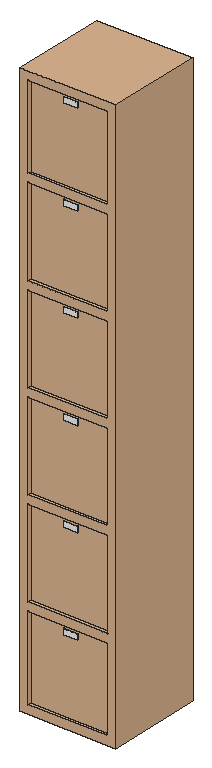
Revit family (continued)
Definition of nested family "Grille-Diamonds-3x38or32"
  Lines and regions (in)
    model lines
      curve 292: line (-1.30067, 7.625, 0) -> (-0.9142, 8.36719, 0)
      curve 293: line (0, 9.10937, 0) -> (-0.38647, 8.36719, 0)
      curve 294: line (0, 7.625, 0) -> (-0.38647, 8.36719, 0)
      curve 295: line (0, 9.10937, 0) -> (0.38647, 8.36719, 0)
      curve 296: line (0, 7.625, 0) -> (0.38647, 8.36719, 0)
      curve 297: line (-0.65034, 8.42187, 0) -> (-0.26387, 9.16406, 0)
      curve 298: line (-0.65034, 9.90625, 0) -> (-0.26387, 9.16406, 0)
      curve 299: line (-0.65034, 8.42187, 0) -> (-1.03681, 9.16406, 0)
      curve 300: line (-0.65034, 9.90625, 0) -> (-1.03681, 9.16406, 0)
      curve 301: line (-1.30067, 10.70312, 0) -> (-1.68715, 9.96094, 0)
      curve 302: line (-1.30067, 9.21875, 0) -> (-1.68715, 9.96094, 0)
      curve 303: line (-1.30067, 10.70312, 0) -> (-0.9142, 9.96094, 0)
      curve 304: line (-1.30067, 9.21875, 0) -> (-0.9142, 9.96094, 0)
      curve 305: line (0, 10.70312, 0) -> (-0.38647, 9.96094, 0)
      curve 306: line (0, 9.21875, 0) -> (-0.38647, 9.96094, 0)
      curve 307: line (0, 10.70312, 0) -> (0.38647, 9.96094, 0)
      curve 308: line (0, 9.21875, 0) -> (0.38647, 9.96094, 0)
      curve 309: line (-0.65034, 10.01562, 0) -> (-0.26387, 10.75781, 0)
      curve 310: line (-0.65034, 11.5, 0) -> (-0.26387, 10.75781, 0)
      curve 311: line (-0.65034, 10.01562, 0) -> (-1.03681, 10.75781, 0)
      curve 312: line (-0.65034, 11.5, 0) -> (-1.03681, 10.75781, 0)
      curve 313: line (-1.30067, 12.29687, 0) -> (-1.68715, 11.55469, 0)
      curve 314: line (-1.30067, 10.8125, 0) -> (-1.68715, 11.55469, 0)
      curve 315: line (-1.30067, 12.29687, 0) -> (-0.9142, 11.55469, 0)
      curve 316: line (-1.30067, 10.8125, 0) -> (-0.9142, 11.55469, 0)
      curve 317: line (0, 12.29687, 0) -> (-0.38647, 11.55469, 0)
      curve 318: line (0, 10.8125, 0) -> (-0.38647, 11.55469, 0)
      curve 319: line (0, 12.29687, 0) -> (0.38647, 11.55469, 0)
      curve 320: line (0, 10.8125, 0) -> (0.38647, 11.55469, 0)
      curve 321: line (-0.65034, 11.60937, 0) -> (-0.26387, 12.35156, 0)
      curve 322: line (-0.65034, 13.09375, 0) -> (-0.26387, 12.35156, 0)
      curve 323: line (-0.65034, 11.60937, 0) -> (-1.03681, 12.35156, 0)
      curve 324: line (-0.65034, 13.09375, 0) -> (-1.03681, 12.35156, 0)
      curve 325: line (-1.30067, 13.89062, 0) -> (-1.68715, 13.14844, 0)
      curve 326: line (-1.30067, 12.40625, 0) -> (-1.68715, 13.14844, 0)
      curve 327: line (-1.30067, 13.89062, 0) -> (-0.9142, 13.14844, 0)
      curve 328: line (-1.30067, 12.40625, 0) -> (-0.9142, 13.14844, 0)
      curve 329: line (0, 13.89062, 0) -> (-0.38647, 13.14844, 0)
      curve 330: line (0, 12.40625, 0) -> (-0.38647, 13.14844, 0)
      curve 331: line (0, 13.89062, 0) -> (0.38647, 13.14844, 0)
      curve 332: line (0, 12.40625, 0) -> (0.38647, 13.14844, 0)
      curve 333: line (-0.65034, 13.20312, 0) -> (-0.26387, 13.94531, 0)
      curve 334: line (-0.65034, 14.6875, 0) -> (-0.26387, 13.94531, 0)
      curve 335: line (-0.65034, 13.20312, 0) -> (-1.03681, 13.94531, 0)
      curve 336: line (-0.65034, 14.6875, 0) -> (-1.03681, 13.94531, 0)
      curve 337: line (-1.30067, 15.48437, 0) -> (-1.68715, 14.74219, 0)
      curve 338: line (-1.30067, 14, 0) -> (-1.68715, 14.74219, 0)
      curve 339: line (-1.30067, 15.48437, 0) -> (-0.9142, 14.74219, 0)
      curve 340: line (-1.30067, 14, 0) -> (-0.9142, 14.74219, 0)
      curve 341: line (0, 15.48437, 0) -> (-0.38647, 14.74219, 0)
      curve 342: line (0, 14, 0) -> (-0.38647, 14.74219, 0)
      curve 343: line (0, 15.48437, 0) -> (0.38647, 14.74219, 0)
      curve 344: line (0, 14, 0) -> (0.38647, 14.74219, 0)
      curve 345: line (-0.65034, 14.79687, 0) -> (-0.26387, 15.53906, 0)
      curve 346: line (-0.65034, 16.28125, 0) -> (-0.26387, 15.53906, 0)
      curve 347: line (-0.65034, 14.79687, 0) -> (-1.03681, 15.53906, 0)
      curve 348: line (-0.65034, 16.28125, 0) -> (-1.03681, 15.53906, 0)
      curve 349: line (-1.30067, 17.07812, 0) -> (-1.68715, 16.33594, 0)
      curve 350: line (-1.30067, 15.59375, 0) -> (-1.68715, 16.33594, 0)
      curve 351: line (-1.30067, 17.07812, 0) -> (-0.9142, 16.33594, 0)
      curve 352: line (-1.30067, 15.59375, 0) -> (-0.9142, 16.33594, 0)
      curve 353: line (0, 17.07812, 0) -> (-0.38647, 16.33594, 0)
      curve 354: line (0, 15.59375, 0) -> (-0.38647, 16.33594, 0)
      curve 355: line (0, 17.07812, 0) -> (0.38647, 16.33594, 0)
      curve 356: line (0, 15.59375, 0) -> (0.38647, 16.33594, 0)
      curve 357: line (-0.65034, 16.39062, 0) -> (-0.26387, 17.13281, 0)
      curve 358: line (-0.65034, 17.875, 0) -> (-0.26387, 17.13281, 0)
      curve 359: line (-0.65034, 16.39062, 0) -> (-1.03681, 17.13281, 0)
      curve 360: line (-0.65034, 17.875, 0) -> (-1.03681, 17.13281, 0)
      curve 361: line (-1.30067, 18.67187, 0) -> (-1.68715, 17.92969, 0)
      curve 362: line (-1.30067, 17.1875, 0) -> (-1.68715, 17.92969, 0)
      curve 363: line (-1.30067, 18.67187, 0) -> (-0.9142, 17.92969, 0)
      curve 364: line (-1.30067, 17.1875, 0) -> (-0.9142, 17.92969, 0)
      curve 365: line (0, 18.67187, 0) -> (-0.38647, 17.92969, 0)
      curve 366: line (0, 17.1875, 0) -> (-0.38647, 17.92969, 0)
      curve 367: line (0, 18.67187, 0) -> (0.38647, 17.92969, 0)
      curve 368: line (0, 17.1875, 0) -> (0.38647, 17.92969, 0)
      curve 369: line (-0.65034, 17.98437, 0) -> (-0.26387, 18.72656, 0)
      curve 370: line (-0.65034, 19.46875, 0) -> (-0.26387, 18.72656, 0)
      curve 371: line (-0.65034, 17.98437, 0) -> (-1.03681, 18.72656, 0)
      curve 372: line (-0.65034, 19.46875, 0) -> (-1.03681, 18.72656, 0)
      curve 373: line (-1.30067, 20.26562, 0) -> (-1.68715, 19.52344, 0)
      curve 374: line (-1.30067, 18.78125, 0) -> (-1.68715, 19.52344, 0)
      curve 375: line (-1.30067, 20.26562, 0) -> (-0.9142, 19.52344, 0)
      curve 376: line (-1.30067, 18.78125, 0) -> (-0.9142, 19.52344, 0)
      curve 377: line (0, 20.26562, 0) -> (-0.38647, 19.52344, 0)
      curve 378: line (0, 18.78125, 0) -> (-0.38647, 19.52344, 0)
      curve 379: line (0, 20.26562, 0) -> (0.38647, 19.52344, 0)
      curve 380: line (0, 18.78125, 0) -> (0.38647, 19.52344, 0)
      curve 381: line (-0.65034, 19.57812, 0) -> (-0.26387, 20.32031, 0)
      curve 382: line (-0.65034, 21.0625, 0) -> (-0.26387, 20.32031, 0)
      curve 383: line (-0.65034, 19.57812, 0) -> (-1.03681, 20.32031, 0)
      curve 384: line (-0.65034, 21.0625, 0) -> (-1.03681, 20.32031, 0)
      curve 385: line (-1.30067, 21.85937, 0) -> (-1.68715, 21.11719, 0)
      curve 386: line (-1.30067, 20.375, 0) -> (-1.68715, 21.11719, 0)
      curve 387: line (-1.30067, 21.85937, 0) -> (-0.9142, 21.11719, 0)
      curve 388: line (-1.30067, 20.375, 0) -> (-0.9142, 21.11719, 0)
      curve 389: line (0, 21.85937, 0) -> (-0.38647, 21.11719, 0)
      curve 390: line (0, 20.375, 0) -> (-0.38647, 21.11719, 0)
      curve 391: line (0, 21.85937, 0) -> (0.38647, 21.11719, 0)
      curve 392: line (0, 20.375, 0) -> (0.38647, 21.11719, 0)
      curve 393: line (-0.65034, 21.17187, 0) -> (-0.26387, 21.91406, 0)
      curve 394: line (-0.65034, 22.65625, 0) -> (-0.26387, 21.91406, 0)
      curve 395: line (-0.65034, 21.17187, 0) -> (-1.03681, 21.91406, 0)
      curve 396: line (-0.65034, 22.65625, 0) -> (-1.03681, 21.91406, 0)
      curve 397: line (-1.30067, 23.45312, 0) -> (-1.68715, 22.71094, 0)
      curve 398: line (-1.30067, 21.96875, 0) -> (-1.68715, 22.71094, 0)
      curve 399: line (-1.30067, 23.45312, 0) -> (-0.9142, 22.71094, 0)
      curve 400: line (-1.30067, 21.96875, 0) -> (-0.9142, 22.71094, 0)
      curve 401: line (0, 23.45312, 0) -> (-0.38647, 22.71094, 0)
      curve 402: line (0, 21.96875, 0) -> (-0.38647, 22.71094, 0)
      curve 403: line (0, 23.45312, 0) -> (0.38647, 22.71094, 0)
      curve 404: line (0, 21.96875, 0) -> (0.38647, 22.71094, 0)
      curve 405: line (-0.65034, 22.76562, 0) -> (-0.26387, 23.50781, 0)
      curve 406: line (-0.65034, 24.25, 0) -> (-0.26387, 23.50781, 0)
      curve 407: line (-0.65034, 22.76562, 0) -> (-1.03681, 23.50781, 0)
      curve 408: line (-0.65034, 24.25, 0) -> (-1.03681, 23.50781, 0)
      curve 409: line (-1.30067, 25.04687, 0) -> (-1.68715, 24.30469, 0)
      curve 410: line (-1.30067, 23.5625, 0) -> (-1.68715, 24.30469, 0)
      curve 411: line (-1.30067, 25.04687, 0) -> (-0.9142, 24.30469, 0)
      curve 412: line (-1.30067, 23.5625, 0) -> (-0.9142, 24.30469, 0)
      curve 413: line (0, 25.04687, 0) -> (-0.38647, 24.30469, 0)
      curve 414: line (0, 23.5625, 0) -> (-0.38647, 24.30469, 0)
      curve 415: line (0, 25.04687, 0) -> (0.38647, 24.30469, 0)
      curve 416: line (0, 23.5625, 0) -> (0.38647, 24.30469, 0)
      curve 417: line (-0.65034, 24.35937, 0) -> (-0.26387, 25.10156, 0)
      curve 418: line (-0.65034, 25.84375, 0) -> (-0.26387, 25.10156, 0)
      curve 419: line (-0.65034, 24.35937, 0) -> (-1.03681, 25.10156, 0)
      curve 420: line (-0.65034, 25.84375, 0) -> (-1.03681, 25.10156, 0)
      curve 477: line (0.65034, -26.64062, 0) -> (0.26387, -25.89844, 0)
      curve 478: line (0.65034, -25.15625, 0) -> (0.26387, -25.89844, 0)
      curve 479: line (0.65034, -26.64062, 0) -> (1.03681, -25.89844, 0)
      curve 480: line (0.65034, -25.15625, 0) -> (1.03681, -25.89844, 0)
      curve 481: line (1.30067, -24.35937, 0) -> (1.68715, -25.10156, 0)
      curve 482: line (1.30067, -25.84375, 0) -> (1.68715, -25.10156, 0)
      curve 483: line (1.30067, -24.35937, 0) -> (0.9142, -25.10156, 0)
      curve 484: line (1.30067, -25.84375, 0) -> (0.9142, -25.10156, 0)
      curve 485: line (0.65034, -25.04687, 0) -> (0.26387, -24.30469, 0)
      curve 486: line (0.65034, -23.5625, 0) -> (0.26387, -24.30469, 0)
      curve 487: line (0.65034, -25.04687, 0) -> (1.03681, -24.30469, 0)
      curve 488: line (0.65034, -23.5625, 0) -> (1.03681, -24.30469, 0)
      curve 489: line (1.30067, -22.76562, 0) -> (1.68715, -23.50781, 0)
      curve 490: line (1.30067, -24.25, 0) -> (1.68715, -23.50781, 0)
      curve 491: line (1.30067, -22.76562, 0) -> (0.9142, -23.50781, 0)
      curve 492: line (1.30067, -24.25, 0) -> (0.9142, -23.50781, 0)
      curve 493: line (0.65034, -23.45312, 0) -> (0.26387, -22.71094, 0)
      curve 494: line (0.65034, -21.96875, 0) -> (0.26387, -22.71094, 0)
      curve 495: line (0.65034, -23.45312, 0) -> (1.03681, -22.71094, 0)
      curve 496: line (0.65034, -21.96875, 0) -> (1.03681, -22.71094, 0)
      curve 497: line (1.30067, -21.17187, 0) -> (1.68715, -21.91406, 0)
      curve 498: line (1.30067, -22.65625, 0) -> (1.68715, -21.91406, 0)
      curve 499: line (1.30067, -21.17187, 0) -> (0.9142, -21.91406, 0)
      curve 500: line (1.30067, -22.65625, 0) -> (0.9142, -21.91406, 0)
      curve 501: line (0.65034, -21.85937, 0) -> (0.26387, -21.11719, 0)
      curve 502: line (0.65034, -20.375, 0) -> (0.26387, -21.11719, 0)
      curve 503: line (0.65034, -21.85937, 0) -> (1.03681, -21.11719, 0)
      curve 504: line (0.65034, -20.375, 0) -> (1.03681, -21.11719, 0)
      curve 505: line (1.30067, -19.57812, 0) -> (1.68715, -20.32031, 0)
      curve 506: line (1.30067, -21.0625, 0) -> (1.68715, -20.32031, 0)
      curve 507: line (1.30067, -19.57812, 0) -> (0.9142, -20.32031, 0)
      curve 508: line (1.30067, -21.0625, 0) -> (0.9142, -20.32031, 0)
      curve 509: line (0.65034, -20.26562, 0) -> (0.26387, -19.52344, 0)
      curve 510: line (0.65034, -18.78125, 0) -> (0.26387, -19.52344, 0)
      curve 511: line (0.65034, -20.26562, 0) -> (1.03681, -19.52344, 0)
      curve 512: line (0.65034, -18.78125, 0) -> (1.03681, -19.52344, 0)
      curve 513: line (1.30067, -17.98437, 0) -> (1.68715, -18.72656, 0)
      curve 514: line (1.30067, -19.46875, 0) -> (1.68715, -18.72656, 0)
      curve 515: line (1.30067, -17.98437, 0) -> (0.9142, -18.72656, 0)
      curve 516: line (1.30067, -19.46875, 0) -> (0.9142, -18.72656, 0)
      curve 517: line (0.65034, -18.67187, 0) -> (0.26387, -17.92969, 0)
      curve 518: line (0.65034, -17.1875, 0) -> (0.26387, -17.92969, 0)
      curve 519: line (0.65034, -18.67187, 0) -> (1.03681, -17.92969, 0)
      curve 520: line (0.65034, -17.1875, 0) -> (1.03681, -17.92969, 0)
      curve 521: line (1.30067, -16.39062, 0) -> (1.68715, -17.13281, 0)
      curve 522: line (1.30067, -17.875, 0) -> (1.68715, -17.13281, 0)
      curve 523: line (1.30067, -16.39062, 0) -> (0.9142, -17.13281, 0)
      curve 524: line (1.30067, -17.875, 0) -> (0.9142, -17.13281, 0)
      curve 525: line (0.65034, -17.07812, 0) -> (0.26387, -16.33594, 0)
      curve 526: line (0.65034, -15.59375, 0) -> (0.26387, -16.33594, 0)
      curve 527: line (0.65034, -17.07812, 0) -> (1.03681, -16.33594, 0)
      curve 528: line (0.65034, -15.59375, 0) -> (1.03681, -16.33594, 0)
      curve 529: line (1.30067, -14.79687, 0) -> (1.68715, -15.53906, 0)
      curve 530: line (1.30067, -16.28125, 0) -> (1.68715, -15.53906, 0)
      curve 531: line (1.30067, -14.79687, 0) -> (0.9142, -15.53906, 0)
      curve 532: line (1.30067, -16.28125, 0) -> (0.9142, -15.53906, 0)
      curve 533: line (0.65034, -15.48437, 0) -> (0.26387, -14.74219, 0)
      curve 534: line (0.65034, -14, 0) -> (0.26387, -14.74219, 0)
      curve 535: line (0.65034, -15.48437, 0) -> (1.03681, -14.74219, 0)
      curve 536: line (0.65034, -14, 0) -> (1.03681, -14.74219, 0)
      curve 537: line (1.30067, -13.20312, 0) -> (1.68715, -13.94531, 0)
      curve 538: line (1.30067, -14.6875, 0) -> (1.68715, -13.94531, 0)
      curve 539: line (1.30067, -13.20312, 0) -> (0.9142, -13.94531, 0)
      curve 540: line (1.30067, -14.6875, 0) -> (0.9142, -13.94531, 0)
      curve 541: line (0.65034, -13.89062, 0) -> (0.26387, -13.14844, 0)
      curve 542: line (0.65034, -12.40625, 0) -> (0.26387, -13.14844, 0)
      curve 543: line (0.65034, -13.89062, 0) -> (1.03681, -13.14844, 0)
      curve 544: line (0.65034, -12.40625, 0) -> (1.03681, -13.14844, 0)
      curve 545: line (1.30067, -11.60937, 0) -> (1.68715, -12.35156, 0)
      curve 546: line (1.30067, -13.09375, 0) -> (1.68715, -12.35156, 0)
      curve 547: line (1.30067, -11.60937, 0) -> (0.9142, -12.35156, 0)
      curve 548: line (1.30067, -13.09375, 0) -> (0.9142, -12.35156, 0)
      curve 549: line (0.65034, -12.29687, 0) -> (0.26387, -11.55469, 0)
      curve 550: line (0.65034, -10.8125, 0) -> (0.26387, -11.55469, 0)
      curve 551: line (0.65034, -12.29687, 0) -> (1.03681, -11.55469, 0)
      curve 552: line (0.65034, -10.8125, 0) -> (1.03681, -11.55469, 0)
      curve 553: line (1.30067, -10.01562, 0) -> (1.68715, -10.75781, 0)
      curve 554: line (1.30067, -11.5, 0) -> (1.68715, -10.75781, 0)
      curve 555: line (1.30067, -10.01562, 0) -> (0.9142, -10.75781, 0)
      curve 556: line (1.30067, -11.5, 0) -> (0.9142, -10.75781, 0)
      curve 557: line (0.65034, -10.70312, 0) -> (0.26387, -9.96094, 0)
      curve 558: line (0.65034, -9.21875, 0) -> (0.26387, -9.96094, 0)
      curve 559: line (0.65034, -10.70312, 0) -> (1.03681, -9.96094, 0)
      curve 560: line (0.65034, -9.21875, 0) -> (1.03681, -9.96094, 0)
      curve 561: line (1.30067, -8.42187, 0) -> (1.68715, -9.16406, 0)
      curve 562: line (1.30067, -9.90625, 0) -> (1.68715, -9.16406, 0)
      curve 563: line (1.30067, -8.42187, 0) -> (0.9142, -9.16406, 0)
      curve 564: line (1.30067, -9.90625, 0) -> (0.9142, -9.16406, 0)
      curve 565: line (0.65034, -9.10937, 0) -> (0.26387, -8.36719, 0)
      curve 566: line (0.65034, -7.625, 0) -> (0.26387, -8.36719, 0)
      curve 567: line (0.65034, -9.10937, 0) -> (1.03681, -8.36719, 0)
      curve 568: line (0.65034, -7.625, 0) -> (1.03681, -8.36719, 0)
      curve 569: line (1.30067, -6.82812, 0) -> (1.68715, -7.57031, 0)
      curve 570: line (1.30067, -8.3125, 0) -> (1.68715, -7.57031, 0)
      curve 571: line (1.30067, -6.82812, 0) -> (0.9142, -7.57031, 0)
      curve 572: line (1.30067, -8.3125, 0) -> (0.9142, -7.57031, 0)
      curve 573: line (0.65034, -7.51562, 0) -> (0.26387, -6.77344, 0)
      curve 574: line (0.65034, -6.03125, 0) -> (0.26387, -6.77344, 0)
      curve 575: line (0.65034, -7.51562, 0) -> (1.03681, -6.77344, 0)
      curve 576: line (0.65034, -6.03125, 0) -> (1.03681, -6.77344, 0)
      curve 577: line (1.30067, -5.23437, 0) -> (1.68715, -5.97656, 0)
      curve 578: line (1.30067, -6.71875, 0) -> (1.68715, -5.97656, 0)
      curve 579: line (1.30067, -5.23437, 0) -> (0.9142, -5.97656, 0)
      curve 580: line (1.30067, -6.71875, 0) -> (0.9142, -5.97656, 0)
      curve 581: line (0.65034, -5.92187, 0) -> (0.26387, -5.17969, 0)
      curve 582: line (0.65034, -4.4375, 0) -> (0.26387, -5.17969, 0)
      curve 583: line (0.65034, -5.92187, 0) -> (1.03681, -5.17969, 0)
      curve 584: line (0.65034, -4.4375, 0) -> (1.03681, -5.17969, 0)
      curve 585: line (1.30067, -3.64062, 0) -> (1.68715, -4.38281, 0)
      curve 586: line (1.30067, -5.125, 0) -> (1.68715, -4.38281, 0)
      curve 587: line (1.30067, -3.64062, 0) -> (0.9142, -4.38281, 0)
      curve 588: line (1.30067, -5.125, 0) -> (0.9142, -4.38281, 0)
      curve 589: line (0.65034, -4.32812, 0) -> (0.26387, -3.58594, 0)
      curve 590: line (0.65034, -2.84375, 0) -> (0.26387, -3.58594, 0)
      curve 591: line (0.65034, -4.32812, 0) -> (1.03681, -3.58594, 0)
      curve 592: line (0.65034, -2.84375, 0) -> (1.03681, -3.58594, 0)
      curve 593: line (1.30067, -2.04687, 0) -> (1.68715, -2.78906, 0)
      curve 594: line (1.30067, -3.53125, 0) -> (1.68715, -2.78906, 0)
      curve 595: line (1.30067, -2.04687, 0) -> (0.9142, -2.78906, 0)
      curve 596: line (1.30067, -3.53125, 0) -> (0.9142, -2.78906, 0)
      curve 597: line (0.65034, -2.73437, 0) -> (0.26387, -1.99219, 0)
      curve 598: line (0.65034, -1.25, 0) -> (0.26387, -1.99219, 0)
      curve 599: line (0.65034, -2.73437, 0) -> (1.03681, -1.99219, 0)
      curve 600: line (0.65034, -1.25, 0) -> (1.03681, -1.99219, 0)
      curve 601: line (1.30067, -0.45312, 0) -> (1.68715, -1.19531, 0)
      curve 602: line (1.30067, -1.9375, 0) -> (1.68715, -1.19531, 0)
      curve 603: line (1.30067, -0.45312, 0) -> (0.9142, -1.19531, 0)
      curve 604: line (1.30067, -1.9375, 0) -> (0.9142, -1.19531, 0)
      curve 605: line (0.65034, -1.14062, 0) -> (0.26387, -0.39844, 0)
      curve 606: line (0.65034, 0.34375, 0) -> (0.26387, -0.39844, 0)
      curve 607: line (0.65034, -1.14062, 0) -> (1.03681, -0.39844, 0)
      curve 608: line (0.65034, 0.34375, 0) -> (1.03681, -0.39844, 0)
      curve 609: line (1.30067, 1.14063, 0) -> (1.68715, 0.39844, 0)
      curve 610: line (1.30067, -0.34375, 0) -> (1.68715, 0.39844, 0)
      curve 611: line (1.30067, 1.14063, 0) -> (0.9142, 0.39844, 0)
      curve 612: line (1.30067, -0.34375, 0) -> (0.9142, 0.39844, 0)
      curve 613: line (0.65034, 0.45313, 0) -> (0.26387, 1.19531, 0)
      curve 614: line (0.65034, 1.9375, 0) -> (0.26387, 1.19531, 0)
      curve 615: line (0.65034, 0.45313, 0) -> (1.03681, 1.19531, 0)
      curve 616: line (0.65034, 1.9375, 0) -> (1.03681, 1.19531, 0)
      curve 617: line (1.30067, 2.73437, 0) -> (1.68715, 1.99219, 0)
      curve 618: line (1.30067, 1.25, 0) -> (1.68715, 1.99219, 0)
      curve 619: line (1.30067, 2.73437, 0) -> (0.9142, 1.99219, 0)
      curve 620: line (1.30067, 1.25, 0) -> (0.9142, 1.99219, 0)
      curve 621: line (0.65034, 2.04687, 0) -> (0.26387, 2.78906, 0)
      curve 622: line (0.65034, 3.53125, 0) -> (0.26387, 2.78906, 0)
      curve 623: line (0.65034, 2.04687, 0) -> (1.03681, 2.78906, 0)
      curve 624: line (0.65034, 3.53125, 0) -> (1.03681, 2.78906, 0)
      curve 625: line (1.30067, 4.32812, 0) -> (1.68715, 3.58594, 0)
      curve 626: line (1.30067, 2.84375, 0) -> (1.68715, 3.58594, 0)
      curve 627: line (1.30067, 4.32812, 0) -> (0.9142, 3.58594, 0)
      curve 628: line (1.30067, 2.84375, 0) -> (0.9142, 3.58594, 0)
      curve 629: line (0.65034, 3.64062, 0) -> (0.26387, 4.38281, 0)
      curve 630: line (0.65034, 5.125, 0) -> (0.26387, 4.38281, 0)
      curve 631: line (0.65034, 3.64062, 0) -> (1.03681, 4.38281, 0)
      curve 632: line (0.65034, 5.125, 0) -> (1.03681, 4.38281, 0)
      curve 633: line (1.30067, 5.92187, 0) -> (1.68715, 5.17969, 0)
      curve 634: line (1.30067, 4.4375, 0) -> (1.68715, 5.17969, 0)
      curve 635: line (1.30067, 5.92187, 0) -> (0.9142, 5.17969, 0)
      curve 636: line (1.30067, 4.4375, 0) -> (0.9142, 5.17969, 0)
      curve 637: line (0.65034, 5.23437, 0) -> (0.26387, 5.97656, 0)
      curve 638: line (0.65034, 6.71875, 0) -> (0.26387, 5.97656, 0)
      curve 639: line (0.65034, 5.23437, 0) -> (1.03681, 5.97656, 0)
      curve 640: line (0.65034, 6.71875, 0) -> (1.03681, 5.97656, 0)
      curve 641: line (1.30067, 7.51562, 0) -> (1.68715, 6.77344, 0)
      curve 642: line (1.30067, 6.03125, 0) -> (1.68715, 6.77344, 0)
      curve 643: line (1.30067, 7.51562, 0) -> (0.9142, 6.77344, 0)
      curve 644: line (1.30067, 6.03125, 0) -> (0.9142, 6.77344, 0)
      curve 645: line (0.65034, 6.82812, 0) -> (0.26387, 7.57031, 0)
      curve 646: line (0.65034, 8.3125, 0) -> (0.26387, 7.57031, 0)
      curve 647: line (0.65034, 6.82812, 0) -> (1.03681, 7.57031, 0)
      curve 648: line (0.65034, 8.3125, 0) -> (1.03681, 7.57031, 0)
      curve 649: line (1.30067, 9.10937, 0) -> (1.68715, 8.36719, 0)
      curve 650: line (1.30067, 7.625, 0) -> (1.68715, 8.36719, 0)
      curve 651: line (1.30067, 9.10937, 0) -> (0.9142, 8.36719, 0)
      curve 652: line (1.30067, 7.625, 0) -> (0.9142, 8.36719, 0)
      curve 653: line (0.65034, 8.42187, 0) -> (0.26387, 9.16406, 0)
      curve 654: line (0.65034, 9.90625, 0) -> (0.26387, 9.16406, 0)
      curve 655: line (0.65034, 8.42187, 0) -> (1.03681, 9.16406, 0)
      curve 656: line (0.65034, 9.90625, 0) -> (1.03681, 9.16406, 0)
      curve 657: line (1.30067, 10.70312, 0) -> (1.68715, 9.96094, 0)
      curve 658: line (1.30067, 9.21875, 0) -> (1.68715, 9.96094, 0)
      curve 659: line (1.30067, 10.70312, 0) -> (0.9142, 9.96094, 0)
      curve 660: line (1.30067, 9.21875, 0) -> (0.9142, 9.96094, 0)
      curve 661: line (0.65034, 10.01562, 0) -> (0.26387, 10.75781, 0)
      curve 662: line (0.65034, 11.5, 0) -> (0.26387, 10.75781, 0)
      curve 663: line (0.65034, 10.01562, 0) -> (1.03681, 10.75781, 0)
      curve 664: line (0.65034, 11.5, 0) -> (1.03681, 10.75781, 0)
      curve 665: line (1.30067, 12.29687, 0) -> (1.68715, 11.55469, 0)
      curve 666: line (1.30067, 10.8125, 0) -> (1.68715, 11.55469, 0)
      curve 667: line (1.30067, 12.29687, 0) -> (0.9142, 11.55469, 0)
      curve 668: line (1.30067, 10.8125, 0) -> (0.9142, 11.55469, 0)
      curve 669: line (0.65034, 11.60937, 0) -> (0.26387, 12.35156, 0)
      curve 670: line (0.65034, 13.09375, 0) -> (0.26387, 12.35156, 0)
      curve 671: line (0.65034, 11.60937, 0) -> (1.03681, 12.35156, 0)
      curve 672: line (0.65034, 13.09375, 0) -> (1.03681, 12.35156, 0)
      curve 673: line (1.30067, 13.89062, 0) -> (1.68715, 13.14844, 0)
      curve 674: line (1.30067, 12.40625, 0) -> (1.68715, 13.14844, 0)
      curve 675: line (1.30067, 13.89062, 0) -> (0.9142, 13.14844, 0)
      curve 676: line (1.30067, 12.40625, 0) -> (0.9142, 13.14844, 0)
      curve 677: line (0.65034, 13.20312, 0) -> (0.26387, 13.94531, 0)
      curve 678: line (0.65034, 14.6875, 0) -> (0.26387, 13.94531, 0)
      curve 679: line (0.65034, 13.20312, 0) -> (1.03681, 13.94531, 0)
      curve 680: line (0.65034, 14.6875, 0) -> (1.03681, 13.94531, 0)
      curve 681: line (1.30067, 15.48437, 0) -> (1.68715, 14.74219, 0)
      curve 682: line (1.30067, 14, 0) -> (1.68715, 14.74219, 0)
      curve 683: line (1.30067, 15.48437, 0) -> (0.9142, 14.74219, 0)
      curve 684: line (1.30067, 14, 0) -> (0.9142, 14.74219, 0)
      curve 685: line (0.65034, 14.79687, 0) -> (0.26387, 15.53906, 0)
      curve 686: line (0.65034, 16.28125, 0) -> (0.26387, 15.53906, 0)
      curve 687: line (0.65034, 14.79687, 0) -> (1.03681, 15.53906, 0)
      curve 688: line (0.65034, 16.28125, 0) -> (1.03681, 15.53906, 0)
      curve 689: line (1.30067, 17.07812, 0) -> (1.68715, 16.33594, 0)
      curve 690: line (1.30067, 15.59375, 0) -> (1.68715, 16.33594, 0)
      curve 691: line (1.30067, 17.07812, 0) -> (0.9142, 16.33594, 0)
      curve 692: line (1.30067, 15.59375, 0) -> (0.9142, 16.33594, 0)
      curve 693: line (0.65034, 16.39062, 0) -> (0.26387, 17.13281, 0)
      curve 694: line (0.65034, 17.875, 0) -> (0.26387, 17.13281, 0)
      curve 695: line (0.65034, 16.39062, 0) -> (1.03681, 17.13281, 0)
      curve 696: line (0.65034, 17.875, 0) -> (1.03681, 17.13281, 0)
      curve 697: line (1.30067, 18.67187, 0) -> (1.68715, 17.92969, 0)
      curve 698: line (1.30067, 17.1875, 0) -> (1.68715, 17.92969, 0)
      curve 699: line (1.30067, 18.67187, 0) -> (0.9142, 17.92969, 0)
      curve 700: line (1.30067, 17.1875, 0) -> (0.9142, 17.92969, 0)
      curve 701: line (0.65034, 17.98437, 0) -> (0.26387, 18.72656, 0)
      curve 702: line (0.65034, 19.46875, 0) -> (0.26387, 18.72656, 0)
      curve 703: line (0.65034, 17.98437, 0) -> (1.03681, 18.72656, 0)
      curve 704: line (0.65034, 19.46875, 0) -> (1.03681, 18.72656, 0)
      curve 705: line (1.30067, 20.26562, 0) -> (1.68715, 19.52344, 0)
      curve 706: line (1.30067, 18.78125, 0) -> (1.68715, 19.52344, 0)
      curve 707: line (1.30067, 20.26562, 0) -> (0.9142, 19.52344, 0)
      curve 708: line (1.30067, 18.78125, 0) -> (0.9142, 19.52344, 0)
      curve 709: line (0.65034, 19.57812, 0) -> (0.26387, 20.32031, 0)
      curve 710: line (0.65034, 21.0625, 0) -> (0.26387, 20.32031, 0)
      curve 711: line (0.65034, 19.57812, 0) -> (1.03681, 20.32031, 0)
      curve 712: line (0.65034, 21.0625, 0) -> (1.03681, 20.32031, 0)
      curve 713: line (1.30067, 21.85937, 0) -> (1.68715, 21.11719, 0)
      curve 714: line (1.30067, 20.375, 0) -> (1.68715, 21.11719, 0)
      curve 715: line (1.30067, 21.85937, 0) -> (0.9142, 21.11719, 0)
      curve 716: line (1.30067, 20.375, 0) -> (0.9142, 21.11719, 0)
      curve 717: line (0.65034, 21.17187, 0) -> (0.26387, 21.91406, 0)
      curve 718: line (0.65034, 22.65625, 0) -> (0.26387, 21.91406, 0)
      curve 719: line (0.65034, 21.17187, 0) -> (1.03681, 21.91406, 0)
      curve 720: line (0.65034, 22.65625, 0) -> (1.03681, 21.91406, 0)
      curve 721: line (1.30067, 23.45312, 0) -> (1.68715, 22.71094, 0)
      curve 722: line (1.30067, 21.96875, 0) -> (1.68715, 22.71094, 0)
      curve 723: line (1.30067, 23.45312, 0) -> (0.9142, 22.71094, 0)
      curve 724: line (1.30067, 21.96875, 0) -> (0.9142, 22.71094, 0)
      curve 725: line (0.65034, 22.76562, 0) -> (0.26387, 23.50781, 0)
      curve 726: line (0.65034, 24.25, 0) -> (0.26387, 23.50781, 0)
      curve 727: line (0.65034, 22.76562, 0) -> (1.03681, 23.50781, 0)
      curve 728: line (0.65034, 24.25, 0) -> (1.03681, 23.50781, 0)
      curve 729: line (1.30067, 25.04687, 0) -> (1.68715, 24.30469, 0)
      curve 730: line (1.30067, 23.5625, 0) -> (1.68715, 24.30469, 0)
      curve 731: line (1.30067, 25.04687, 0) -> (0.9142, 24.30469, 0)
      curve 732: line (1.30067, 23.5625, 0) -> (0.9142, 24.30469, 0)
      curve 733: line (0.65034, 24.35937, 0) -> (0.26387, 25.10156, 0)
      curve 734: line (0.65034, 25.84375, 0) -> (0.26387, 25.10156, 0)
      curve 735: line (0.65034, 24.35937, 0) -> (1.03681, 25.10156, 0)
      curve 736: line (0.65034, 25.84375, 0) -> (1.03681, 25.10156, 0)
  Dimensions and locks (in)
    aligned and locked: plane 2 to Extrusion 1
    aligned and locked: level to Extrusion 1
Definition of nested family "Latch-Lines-6-Tier"
  Parameters
    Default Elevation = 4' - 0"
  Reference planes (in)
    plane 1 "Center (Front/Back)": y = 0
    plane 2: z = 0
    plane 3 "Left": x = 0
  Lines and regions (in)
    model lines
      curve 1: circle (1.06188, 0, 0) r 0.35292 normal (0, 0, -1)
      curve 2: line (0, -0.90625, 0) -> (1.59375, -0.90625, 0)
      curve 3: line (1.59375, -0.90625, 0) -> (1.59375, 1.67587, 0)
      curve 4: line (1.59375, 1.67587, 0) -> (0.59375, 1.67587, 0)
      curve 5: line (0.59375, 1.67587, 0) -> (0.59375, 0.45018, 0)
      curve 6: line (0.59375, 0.45018, 0) -> (0.25, 0.45018, 0)
      curve 7: line (0.25, -0.90625, 0) -> (0.25, 1.1875, 0)
      curve 8: line (0.25, 1.1875, 0) -> (0, 1.1875, 0)
      curve 9: line (0, 1.1875, 0) -> (0, -0.90625, 0)
